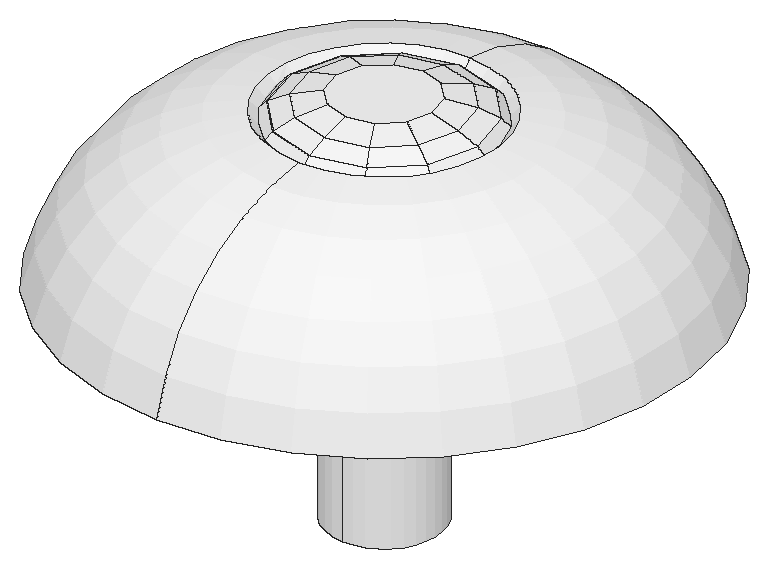
Revit family "1403a_omni_bp_ir", category Communication Devices, host Face, Revit 2021
Family settings
  Host = Face
  Maintain Annotation Orientation = No
  Round Connector Dimension = Use Diameter
  Part Type = Normal
  OmniClass Number = 23.85.80.11.27
  OmniClass Title = Lighting Controls
  Cut with Voids When Loaded = No
  Shared = Yes
  Room Calculation Point = No
Parameters
  Width = 4.50"
  Warranty = "5-Years Warranty"  # constant formula
  Type Comments = "CEILING MOUNT OCCUPANCY SENSORS"  # constant formula
  Product Page URL = ""
  Product Documentation Link = ""
  URL = "https://www.currentlighting.com/nxlightingcontrols"
  Model = "OMNIIR-BP"  # constant formula
  Manufacturer = " NX Lighting Controls"  # constant formula
  Sensing Element = Paint - Matte White
  Features = "IntelliDAPT self-adaptive technology—no manual adjustment required\r\nAll-digital passive infrared [PIR]) sensor \r\nNon-volatile memory for sensor settings\r\n450–1,500 square-foot coverage area (depending on model) \r\nSelf-contained power supply\r\nUniversal voltage (120-277VAC; 50/60 Hz) \r\nUL and cUL listed \r\nCalifornia Title 24 compliant\r\nFive-year warranty\r\n120-277 Vac\r\n"  # constant formula
  Description = "The OMNI DT combines ultrasonic (US) and passive infrared (PIR) technologies\r\nto turn lighting on and off based on occupancy. This dual technology provides\r\naccurate turn-ons while virtually eliminating false-offs. This sensor features\r\n Controls' patented IntelliDAPT® technology, which makes all the sensor\r\nadjustments automatically"  # constant formula
  Default Elevation = 48.00"
  Coverage = "450- 1500 sq ft, based on model"
  Copyright = "Copyright © NX Lighting Controls"  # constant formula
  Contact Us = ""
  Housing Material = Paint - Matte White
  Certifications = "UL and cUL listed"
  Assembly Code = "D5090"
Reference planes (in)
  plane 1 "Center (Front/Back)": y = 10.63342
  plane 2: z = 0
  plane 3 "Center (Left/Right)": x = 0
  plane 4: x = -2.25
  plane 5: x = 2.25
  plane 6: y = 12.88342
  plane 7: y = 8.38342
  plane 8: z = 1.21
  plane 9: through (0.87749, -180, 1.95871) normal (0.7071, 0, 0.7071)
  plane 10: z = 1.5
Forms (in)
  Revolve 1, solid, material "Paint - Matte White" <- "Housing Material"
    sketch origin (0, 10.63342, 0) x (0, 1, 0) y (0, 0, 1)
      loop
        line (0, 0) -> (2.25, 0)
        arc (2.25, 0) -> (1.74597, 0.83372) -> (0.84555, 1.20571) r 1.55971
        line (0.84555, 1.20571) -> (0.73563, 1.09579) -> (0, 1.09579) -> (0, 0)
      axis (0, 1.20571) -> (0, 0)
    angle from 0 to 360
  Extrusion 2, solid, material "Paint - Matte White" <- "Housing Material"
    sketch origin (10.63342, 10.63342, 0) x (0, 1, 0) y (-1, 0, 0)
      loop
        circle (0, 10.63342) r 0.40974
    from -1.67 to 0
  Blend 3, solid, material "Paint - Matte White" <- "Housing Material"
    base sketch origin (0, 0, 0) x (1, 0, 0) y (0, 1, 0)
      loop
        line (0, 11.47897) -> (-0.42278, 11.36569) -> (-0.73227, 11.05619) -> (-0.84555, 10.63342) -> (-0.73227, 10.21064) -> (-0.42278, 9.90115) -> (0, 9.78787) -> (0.42278, 9.90115) -> (0.73227, 10.21064) -> (0.84555, 10.63342) -> (0.73227, 11.05619) -> (0.42278, 11.36569) -> (0, 11.47897)
    top sketch origin (0, 0, 0) x (1, 0, 0) y (0, 1, 0)
      loop
        line (0, 11.36905) -> (-0.36781, 11.27049) -> (-0.63707, 11.00123) -> (-0.73563, 10.63342) -> (-0.63707, 10.26561) -> (-0.36781, 9.99635) -> (0, 9.89779) -> (0.36781, 9.99635) -> (0.63707, 10.26561) -> (0.73563, 10.63342) -> (0.63707, 11.00123) -> (0.36781, 11.27049) -> (0, 11.36905)
    from 1.09579 to 1.20571
  Blend 4, solid, material "Paint - Matte White" <- "Sensing Element"
    base sketch origin (0, 0, 0) x (1, 0, 0) y (0, 1, 0)
      loop
        line (0, 11.36905) -> (-0.36781, 11.27049) -> (-0.63707, 11.00123) -> (-0.73563, 10.63342) -> (-0.63707, 10.26561) -> (-0.36781, 9.99635) -> (0, 9.89779) -> (0.36781, 9.99635) -> (0.63707, 10.26561) -> (0.73563, 10.63342) -> (0.63707, 11.00123) -> (0.36781, 11.27049) -> (0, 11.36905)
    top sketch origin (0, 0, 0) x (1, 0, 0) y (0, 1, 0)
      loop
        line (0, 11.22465) -> (-0.29562, 11.14544) -> (-0.51202, 10.92904) -> (-0.59124, 10.63342) -> (-0.51202, 10.3378) -> (-0.29562, 10.12139) -> (0, 10.04218) -> (0.29562, 10.12139) -> (0.51202, 10.3378) -> (0.59124, 10.63342) -> (0.51202, 10.92904) -> (0.29562, 11.14544) -> (0, 11.22465)
    from 1.20571 to 1.27
  Blend 5, solid, material "Paint - Matte White" <- "Sensing Element"
    base sketch origin (0, 0, 0) x (1, 0, 0) y (0, 1, 0)
      loop
        line (0, 11.22465) -> (-0.29562, 11.14544) -> (-0.51202, 10.92904) -> (-0.59124, 10.63342) -> (-0.51202, 10.3378) -> (-0.29562, 10.12139) -> (0, 10.04218) -> (0.29562, 10.12139) -> (0.51202, 10.3378) -> (0.59124, 10.63342) -> (0.51202, 10.92904) -> (0.29562, 11.14544) -> (0, 11.22465)
    top sketch origin (0, 0, 0) x (1, 0, 0) y (0, 1, 0)
      loop
        line (0, 11.00934) -> (-0.18796, 10.95897) -> (-0.32556, 10.82138) -> (-0.37592, 10.63342) -> (-0.32556, 10.44546) -> (-0.18796, 10.30786) -> (0, 10.2575) -> (0.18796, 10.30786) -> (0.32556, 10.44546) -> (0.37592, 10.63342) -> (0.32556, 10.82138) -> (0.18796, 10.95897) -> (0, 11.00934)
    from 1.27 to 1.32
Cuts and joins
  joined: Revolve 1, Extrusion 2, Blend 3
  joined: Blend 4, Blend 5
Dimensions and locks (in)
  "Width": plane 4 to plane 5
  "Width": plane 7 to plane 6
  equal spacing: plane 4, plane 3 "Center (Left/Right)", plane 5
  equal spacing: plane 7, plane 1 "Center (Front/Back)", plane 6
  plane 8 to plane 2 = 1.21"
  plane 10 to plane 2 = 1.50"
  aligned and locked: plane 2 to host face
  aligned and locked: level to host face
Automatic sketch dimensions
  host sketch curve to host sketch curve = 96.00"  (x2)
  Revolve 1 sketch curve to plane 1 "Center (Front/Back)" = 0.00"  (x2)
  Revolve 1 sketch curve to level = 0.00"
  Revolve 1 sketch curve to plane 6 = 0.00"
  Revolve 1 sketch curve to level = 0.34971"
  Revolve 1 sketch curve to plane 1 "Center (Front/Back)" = 0.73"
  plane 8 to Revolve 1 sketch curve = 0.11421"
  Revolve 1 sketch curve to plane 1 "Center (Front/Back)" = 0.73563"
  plane 8 to Revolve 1 sketch curve = 0.00429"
  Revolve 1 sketch curve to Revolve 1 sketch curve = 23.65029"
  Revolve 1 sketch curve to plane 10 = 54.02668"
  plane 1 "Center (Front/Back)" to Extrusion 2 sketch curve = 0.00"
  Extrusion 2 sketch curve to plane 3 "Center (Left/Right)" = 0.00"
  plane 1 "Center (Front/Back)" to Blend 3 sketch curve = 0.00"  (x2)
  Blend 3 sketch curve to plane 3 "Center (Left/Right)" = 0.00"  (x2)
  Blend 3 sketch curve to plane 3 "Center (Left/Right)" = 0.36781"  (x2)
  Blend 3 sketch curve to Blend 3 sketch curve = 0.26926"  (x8)
  Blend 3 sketch curve to Blend 3 sketch curve = 0.09856"  (x4)
  plane 3 "Center (Left/Right)" to Blend 3 sketch curve = 0.36781"  (x2)
  plane 1 "Center (Front/Back)" to Blend 3 sketch curve = 0.36781"  (x2)
  Blend 3 sketch curve to plane 1 "Center (Front/Back)" = 0.36781"  (x2)
  radius of Extrusion 2 sketch curve = 0.40974"
Connectors (in)
  electrical at (0, 10.63342, 0)
    settings: on cut or joined group of Revolve 1, Extrusion 2, Blend 3, index 1, voltage 0 V, apparent load 0 VA, apparent load phase1 0 VA, apparent load phase2 0 VA, apparent load phase3 0 VA, power factor 1, load classification "Other", number of poles 1, system type 14, power factor state 1, is connector primary yes, connector utility no, sub classification motor no, connector description "Occupancy Sensor"
